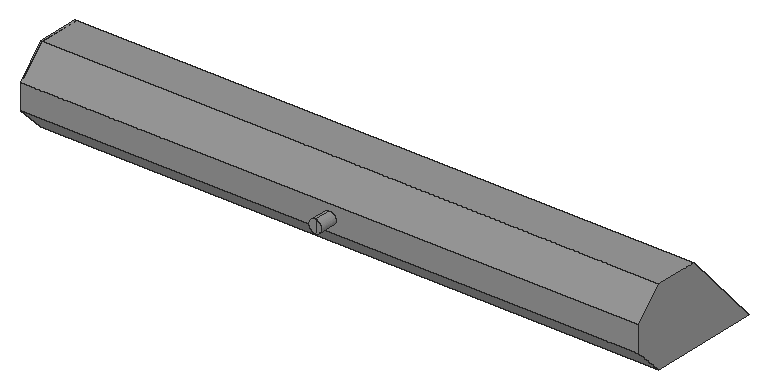
Revit family "Urinal-Wiloughby-1572-WWU", category Plumbing Fixtures, Revit 2015
Parameters (values of type "1572")
  Width = 6' - 0"
  Waste DIA = 1 1/2"
  Waste Connection = yes
  Vent Connection = no
  URL = "https://www.willoughby-ind.com/wp-content/uploads/2018/01/WWU-1500.pdf"
  Type Comments = ""
  Revision = "A"
  Model = "WWU-1572"
  Manufacturer = "Willoughby Industries"
  HW Connection = no
  Fixture Body = Stainless Steel AISI 304-Willoughby
  Description = "72\" Trough Urinal"
  Default Elevation = 0' - 0"
  Contact = "(800) 428-4065"
  CW Connection = no
  72" = yes
Reference planes (in)
  plane 1 "Center (Front/Back)Floor Level": y = 0
  plane 2: z = 0
  plane 3 "Center (Left/Right)": x = 0
  plane 4: x = -36
  plane 5: x = 36
  plane 6: y = 42
Forms (in)
  Extrusion 1, solid, material "Stainless Steel AISI 304-Willoughby" <- "Fixture Body"
    sketch origin (0, 0, 0) x (0, 1, 0) y (0, 0, 1)
      loop
        line (42, 0) -> (34, 9) -> (29, 9) -> (26, 6) -> (26, 3) -> (29, 0) -> (42, 0)
    from -36 to 36
  Revolve 2, solid, material "Stainless Steel AISI 304-Willoughby" <- "Fixture Body", detail levels medium+fine
    sketch origin (0, 0, 0) x (0, 1, 0) y (0, 0, 1)
      loop
        line (26, 4.5) -> (26, 5.25) -> (24, 5.25) -> (24, 4.5) -> (26, 4.5)
      axis (26, 4.5) -> (24, 4.5)
    angle from 0 to 360
  Extrusion 3, void
    sketch origin (0, 0, 0) x (0, 1, 0) y (0, 0, 1)
      loop
        line (42.78883, 0.09375) -> (42.78883, 8.90625) -> (29.03883, 8.90625) -> (26.09375, 5.96117) -> (26.09375, 3.03883) -> (29.03883, 0.09375) -> (42.78883, 0.09375)
    from -35.90625 to 35.90625
Cuts and joins
  Extrusion 3 cuts Extrusion 1
Lines and regions (in)
  symbolic lines
    curve 1: line (36, 26, 0) -> (-36, 26, 0)
    curve 2: line (-36, 26, 0) -> (-36, 42, 0)
    curve 3: line (-36, 42, 0) -> (36, 42, 0)
    curve 4: line (36, 42, 0) -> (36, 26, 0)
    curve 5: line (-36, 29, 0) -> (36, 29, 0)
    curve 19: line (-36, 26, 0) -> (-36, 42, 0)
    curve 22: line (-36, 34, 0) -> (36, 34, 0)
  symbolic lines, detail levels fine
    curve 6: line (-36, 34, 0) -> (36, 34, 0)
    curve 21: line (36, 26, 0) -> (-36, 26, 0)
  symbolic lines, detail levels medium+fine
    curve 7: line (36, 0, 0) -> (36, 0, 9)
    curve 8: line (36, 0, 9) -> (-36, 0, 9)
    curve 9: line (-36, 0, 9) -> (-36, 0, 0)
    curve 10: line (-36, 0, 0) -> (36, 0, 0)
    curve 11: line (36, 0, 6) -> (-36, 0, 6)
    curve 12: line (36, 0, 3) -> (-36, 0, 3)
    curve 13: line (0, 42, 0) -> (0, 34, 9)
    curve 14: line (0, 34, 9) -> (0, 29, 9)
    curve 15: line (0, 29, 9) -> (0, 26, 6)
    curve 16: line (0, 26, 6) -> (0, 26, 3)
    curve 17: line (0, 26, 3) -> (0, 29, 0)
    curve 18: line (0, 29, 0) -> (0, 42, 0)
    curve 20: line (36, 42, 0) -> (36, 26, 0)
    curve 23: line (-36, 29, 0) -> (36, 29, 0)
Dimensions and locks (in)
  "Width": plane 4 to plane 5
  equal spacing: plane 4, plane 3 "Center (Left/Right)", plane 5
  plane 1 "Center (Front/Back)Floor Level" to plane 6 = 3' - 6"
  plane 3 "Center (Left/Right)" to Extrusion 1 = 3' - 0"
  locked: cut or joined group of Extrusion 1, Extrusion 3 to plane 5 at 0.09375
  locked: cut or joined group of Extrusion 1, Extrusion 3 to cut or joined group of Extrusion 1, Extrusion 3 at 0.09375
  aligned and locked: Extrusion 1 to level
  aligned and locked: plane 4 to Extrusion 1
  aligned and locked: Extrusion 1 to plane 5
  aligned and locked: Revolve 2 sketch curve to Revolve 2 sketch curve  (x2)
  aligned and locked: curve 2 to curve 5
  aligned and locked: curve 5 to cut or joined group of Extrusion 1, Extrusion 3
  aligned and locked: curve 6 to cut or joined group of Extrusion 1, Extrusion 3
  aligned and locked: curve 12 to cut or joined group of Extrusion 1, Extrusion 3
Automatic sketch dimensions
  Extrusion 1 sketch curve to level = 0' - 0"
  Extrusion 1 sketch curve to plane 6 = 0' - 0"
  Extrusion 1 sketch curve to plane 6 = 0' - 8"
  Extrusion 1 sketch curve to Extrusion 1 sketch curve = 0' - 5"  (x2)
  level to Extrusion 1 sketch curve = 0' - 3"
  Extrusion 1 sketch curve to Extrusion 1 sketch curve = 0' - 3"  (x3)
  level to Revolve 2 sketch curve = 0' - 4 1/2"
  Revolve 2 sketch curve to plane 6 = 1' - 6"
  Revolve 2 sketch curve to Revolve 2 sketch curve = 0' - 2"
  Revolve 2 sketch curve to Revolve 2 sketch curve = 0' - 0 3/4"
  Revolve 2 sketch curve to Revolve 2 sketch curve = 0' - 0"
  level to Extrusion 3 sketch curve = 0' - 5.96117"
  Extrusion 3 sketch curve to plane 6 = 1' - 3 29/32"
  level to Extrusion 3 sketch curve = 0' - 0 3/32"
  Extrusion 3 sketch curve to Extrusion 3 sketch curve = 0' - 2.94508"  (x2)
  plane 6 to Extrusion 3 sketch curve = 0' - 0.78883"
  Extrusion 3 sketch curve to Extrusion 3 sketch curve = 0' - 2.92233"
  Extrusion 3 sketch curve to Extrusion 3 sketch curve = 0' - 8 13/16"
  curve 10 to level = 0' - 0"
  plane 4 to curve 10 = 0' - 0"
  plane 5 to curve 10 = 0' - 0"
  level to curve 7 = 0' - 9"
  curve 11 to curve 7 = 0' - 3"
  curve 18 to level = 0' - 0"
  curve 13 to plane 6 = 0' - 0"
  curve 14 to plane 6 = 0' - 8"
  curve 15 to curve 13 = 0' - 5"
  level to curve 15 = 0' - 6"
  curve 15 to curve 14 = 0' - 3"  (x2)
  level to curve 17 = 0' - 3"
  curve 16 to curve 17 = 0' - 3"
  curve 23 to plane 4 = 0' - 0"
  curve 23 to plane 5 = 0' - 0"
  curve 4 to plane 6 = 0' - 0"
  curve 19 to curve 5 = 0' - 3"
  curve 23 to curve 5 = 0' - 0"
  curve 22 to curve 6 = 0' - 0"
Connectors (in)
  piping at (0, 24, 4.5), diameter 1.5, driven by "Waste DIA", driven by "Waste Connection"
    settings: on Revolve 2, index 1, connector inside diameter 24", connector length 0' - 0", flow factor 0, pipe flow 0 GPM, pressure drop 0.00 psi, fitting loss kfactor 0, connector angle 0.00°, fixture units 0, engagement length 0' - 0", angle of deflection 0.00°, flow configuration 0, flow direction 2, fitting loss method 0, system type 16, joint type 0, gender type 0, connector reference index -1, connector utility 1, adjustable connector no, is connector primary yes, connector description "Urinal Waste"
